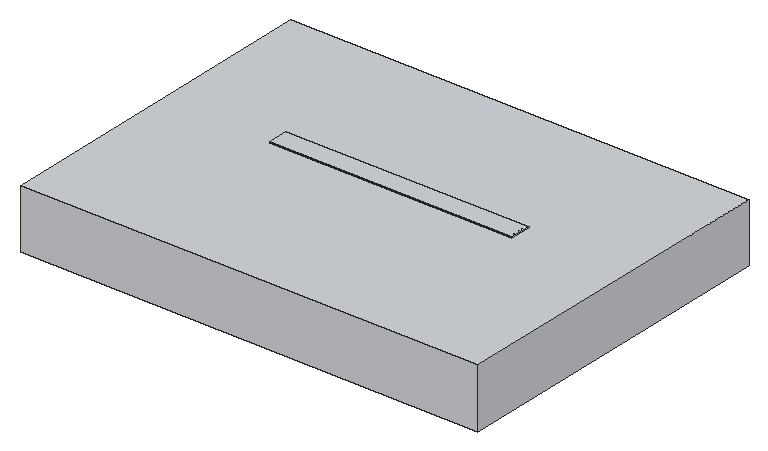
Revit family "2d8096a35b0e403bbc7437e2c540663e", category Air Terminals, host Face, Revit 2021
Family settings
  Host = Face
  Round Connector Dimension = Use Radius
  Part Type = Normal
  OmniClass Number = 23.75.70.21.27.11
  OmniClass Title = Diffusers, Registers, and Grilles
  Seek Item ID = Return Diffuser with Plenum - Linear Slot - Hosted-0000-USA-ENU
  Cut with Voids When Loaded = No
  Shared = No
  Room Calculation Point = No
Parameters (values of type "Standard")
  Width 5 = Diffuser Half Width + 0' 1 1/4"  # 0' - 2 7/8"
  Width 4 = Diffuser Half Width / 4  # 0' - 0 13/32"
  Width 3 = Diffuser Half Width / 3  # 0' - 0.54167"
  Width 2 = Diffuser Half Width / 2  # 0' - 0 13/16"
  Width 1 = Diffuser Width / 2 + 0' 0 1/2"  # 0' - 2 1/8"
  Slot Width = 0' - 1"
  Slot Number = 2
  Pressure Drop [instance] = 0.071 in-wg
  Duct Radius = 3"
  Duct Diameter = Duct Radius * 2  # 6"
  Length 1 = Diffuser Length / 2 + 0' 0 1/2"  # 2' - 0 1/2"
  Flow [instance] = 120 CFM
  Diffuser material = none
  Diffuser Half Length = Diffuser Length * 1 / 2  # 2' - 0"
  Diffuser Width = 0' - 3 1/4"
  Diffuser Length = 4' - 0"
  Diffuser Half Width = Diffuser Width * 1 / 2  # 0' - 1 5/8"
  Default Elevation = 4' - 0"
  Assembly Code = ""
  Slot Visibility 4 = Slot Number = 4  # no
  Slot Visibility 3 = Slot Number = 3  # no
  Slot Visibility 2 = Slot Number = 2  # yes
  Slot Visibility 1 = Slot Number = 1  # no
Reference planes (in)
  plane 1 "Center (Front/Back)": y = 0
  plane 2: z = 0
  plane 3 "Center (Left/Right)": x = 0
  plane 4: y = -1.625
  plane 5: y = -2.125
  plane 6: y = 2.125
  plane 7: y = 1.625
  plane 8: x = -24
  plane 9: x = 24.5
  plane 10: x = 24
  plane 11: x = -24.5
  plane 12 "top surface": z = 0.125
  plane 13: z = -11
  plane 14: z = -9.25
  plane 15: z = -6.25
  plane 16: x = -3
  plane 17: x = 3
  plane 18: y = -2.875
  plane 19: y = 0.8125
  plane 20: y = -0.8125
  plane 21: y = 1.08333
  plane 22: y = -1.08333
  plane 23: y = 0.40625
  plane 24: y = 1.21875
  plane 25: y = -0.40625
  plane 26: y = -1.21875
Forms (in)
  Extrusion 1, solid
    sketch origin (0, 0, 0) x (1, 0, 0) y (0, 1, 0)
      loop
        line (-46.5, 30.875) -> (-46.5, -37.625) -> (46, -37.625) -> (46, 30.875) -> (-46.5, 30.875)
    from 0 to -12
  Extrusion 2, solid, material <- "Diffuser material"
    sketch origin (0, 0, 0) x (1, 0, 0) y (0, 1, 0)
      loop
        line (-24, 1.625) -> (-24, -1.625) -> (24, -1.625) -> (24, 1.625) -> (-24, 1.625)
    from -11 to 0
  Extrusion 3, solid, material <- "Diffuser material"
    sketch origin (-7.87757, -0.24542, 0) x (1, 0, 0) y (0, 1, 0)
      loop
        line (-16.62243, 2.37042) -> (-16.62243, -1.87958) -> (32.37757, -1.87958) -> (32.37757, 2.37042) -> (-16.62243, 2.37042)
    from 0 to 0.125
  Extrusion 4, solid, material <- "Diffuser material"
    sketch origin (0, 0, 0) x (1, 0, 0) y (0, 0, 1)
      loop
        circle (0, -6.25) r 3
    from 1.625 to 2.875
Lines and regions (in)
  model lines
    curve 1: line (-24, 1.625, 0.125) -> (24, 1.625, 0.125)
    curve 2: line (-24, -1.625, 0.125) -> (-24, 1.625, 0.125)
    curve 3: line (24, -1.625, 0.125) -> (-24, -1.625, 0.125)
    curve 4: line (24, 1.625, 0.125) -> (24, -1.625, 0.125)
  model lines, visible <- "Slot Visibility 2"
    curve 5: line (-24, 0.8125, 0.125) -> (24, 0.8125, 0.125)
    curve 6: line (-24, -0.8125, 0.125) -> (24, -0.8125, 0.125)
  model lines, visible <- "Slot Visibility 4"
    curve 7: line (-24, 1.21875, 0.125) -> (24, 1.21875, 0.125)
    curve 8: line (-24, -1.21875, 0.125) -> (24, -1.21875, 0.125)
    curve 9: line (-24, 0.40625, 0.125) -> (24, 0.40625, 0.125)
    curve 10: line (-24, -0.40625, 0.125) -> (24, -0.40625, 0.125)
  model lines, visible <- "Slot Visibility 3"
    curve 11: line (-24, 0, 0.125) -> (24, 0, 0.125)
    curve 12: line (-24, 1.08333, 0.125) -> (24, 1.08333, 0.125)
    curve 13: line (-24, -1.08333, 0.125) -> (24, -1.08333, 0.125)
  model lines, visible <- "Slot Visibility 1"
    curve 14: line (-24, 0, 0.125) -> (24, 0, 0.125)
  symbolic lines, visible <- "Slot Visibility 1", detail levels fine
    curve 15: line (-24, 0, 0) -> (24, 0, 0)
  symbolic lines, visible <- "Slot Visibility 3", detail levels fine
    curve 16: line (-24, 0, 0) -> (24, 0, 0)
    curve 21: line (-24, 1.08333, 0) -> (24, 1.08333, 0)
    curve 22: line (-24, -1.08333, 0) -> (24, -1.08333, 0)
  symbolic lines, visible <- "Slot Visibility 4", detail levels fine
    curve 17: line (-24, 0.40625, 0) -> (24, 0.40625, 0)
    curve 18: line (-24, -0.40625, 0) -> (24, -0.40625, 0)
    curve 23: line (-24, 1.21875, 0) -> (24, 1.21875, 0)
    curve 24: line (-24, -1.21875, 0) -> (24, -1.21875, 0)
  symbolic lines, visible <- "Slot Visibility 2", detail levels fine
    curve 19: line (-24, 0.8125, 0) -> (24, 0.8125, 0)
    curve 20: line (-24, -0.8125, 0) -> (24, -0.8125, 0)
  symbolic lines
    curve 25: line (-24.5, 2.125, 0) -> (24.5, 2.125, 0)
    curve 26: line (-24.5, -2.125, 0) -> (-24.5, 2.125, 0)
    curve 27: line (24.5, -2.125, 0) -> (-24.5, -2.125, 0)
    curve 28: line (24.5, 2.125, 0) -> (24.5, -2.125, 0)
  symbolic lines, detail levels fine
    curve 29: line (-24, 1.625, 0) -> (24, 1.625, 0)
    curve 30: line (-24, -1.625, 0) -> (-24, 1.625, 0)
    curve 31: line (24, -1.625, 0) -> (-24, -1.625, 0)
    curve 32: line (24, 1.625, 0) -> (24, -1.625, 0)
Dimensions and locks (in)
  locked: level to plane 12 "top surface" at 0.125
  locked: level to plane 13 at 11
  locked: plane 14 to plane 13 at 1.75
  equal spacing: plane 16, plane 3 "Center (Left/Right)", plane 17
  "Duct Diameter": plane 16 to plane 17
  "Duct Radius": plane 15 to plane 14
  "Length 1": plane 3 "Center (Left/Right)" to plane 9
  "Length 1": plane 11 to plane 3 "Center (Left/Right)"
  "Width 1": plane 6 to plane 1 "Center (Front/Back)"
  "Width 1": plane 5 to plane 1 "Center (Front/Back)"
  "Diffuser Half Length": plane 8 to plane 3 "Center (Left/Right)"
  "Diffuser Half Length": plane 3 "Center (Left/Right)" to plane 10
  "Diffuser Half Width": plane 1 "Center (Front/Back)" to plane 7
  "Diffuser Half Width": plane 4 to plane 1 "Center (Front/Back)"
  "Width 2": plane 1 "Center (Front/Back)" to plane 19
  "Width 2": plane 20 to plane 1 "Center (Front/Back)"
  "Width 3": plane 21 to plane 7
  "Width 3": plane 22 to plane 4
  "Width 4": plane 23 to plane 1 "Center (Front/Back)"
  "Width 4": plane 24 to plane 7
  "Width 4": plane 25 to plane 1 "Center (Front/Back)"
  "Width 4": plane 26 to plane 4
  "Width 5": plane 18 to plane 1 "Center (Front/Back)"
  "Duct Radius": radius of Extrusion 4 sketch curve
  aligned and locked: plane 2 to Extrusion 1
  aligned and locked: level to Extrusion 1
  aligned and locked: Extrusion 2 to plane 13
  aligned and locked: level to Extrusion 2
  aligned and locked: plane 4 to curve 3
  aligned and locked: plane 7 to curve 1
  aligned and locked: plane 10 to Extrusion 2
  aligned and locked: plane 3 "Center (Left/Right)" to Extrusion 4 sketch curve
  aligned and locked: plane 15 to Extrusion 4 sketch curve
  aligned and locked: plane 8 to curve 2
  aligned and locked: Extrusion 2 to plane 8
  aligned and locked: Extrusion 3 to plane 11
  aligned and locked: plane 9 to Extrusion 3
  aligned and locked: plane 6 to Extrusion 3
  aligned and locked: plane 5 to Extrusion 3
  aligned and locked: Extrusion 2 to plane 7
  aligned and locked: Extrusion 2 to plane 4
  aligned and locked: plane 4 to Extrusion 4
  aligned and locked: Extrusion 4 to plane 18
  aligned and locked: curve 5 to plane 19
  aligned and locked: plane 20 to curve 6
  aligned and locked: curve 7 to plane 24
  aligned and locked: plane 26 to curve 8
  aligned and locked: curve 9 to plane 23
  aligned and locked: plane 25 to curve 10
  aligned and locked: curve 12 to plane 21
  aligned and locked: curve 13 to plane 22
  aligned and locked: plane 1 "Center (Front/Back)" to curve 11
  aligned and locked: plane 1 "Center (Front/Back)" to curve 14
  aligned and locked: plane 18 to Extrusion 4  (x3)
  aligned and locked: curve 15 to curve 14
  aligned and locked: curve 16 to curve 14
  aligned and locked: curve 17 to curve 9
  aligned and locked: curve 18 to curve 10
  aligned and locked: curve 19 to curve 5
  aligned and locked: curve 20 to curve 6
  aligned and locked: curve 21 to curve 12
  aligned and locked: curve 22 to curve 13
  aligned and locked: curve 23 to curve 7
  aligned and locked: curve 24 to curve 8
  aligned and locked: curve 25 to Extrusion 3  (x2)
  aligned and locked: Extrusion 3 to curve 28
  aligned and locked: curve 28 to Extrusion 3
  aligned and locked: curve 2 to curve 29
  aligned and locked: curve 29 to curve 1
  aligned and locked: curve 32 to curve 3
  aligned and locked: curve 32 to curve 4
Automatic sketch dimensions
  Extrusion 2 sketch curve to plane 4 = 0' - 0"
  Extrusion 2 sketch curve to plane 8 = 0' - 0"
  Extrusion 2 sketch curve to plane 10 = 0' - 0"
  Extrusion 2 sketch curve to plane 7 = 0' - 0"
  Extrusion 3 sketch curve to plane 5 = 0' - 0"
  Extrusion 3 sketch curve to plane 11 = 0' - 0"
  Extrusion 3 sketch curve to plane 9 = 0' - 0"
  Extrusion 3 sketch curve to plane 6 = 0' - 0"
  curve 6 to plane 8 = 0' - 0"
  curve 5 to plane 8 = 0' - 0"
  curve 6 to plane 10 = 0' - 0"
  curve 5 to plane 10 = 0' - 0"
  curve 14 to plane 10 = 0' - 0"
  Extrusion 1 sketch curve to Extrusion 1 sketch curve = 7' - 8 1/2"
  Extrusion 1 sketch curve to Extrusion 1 sketch curve = 5' - 8 1/2"
Connectors (in)
  hvac at (0, -2.875, -6.25), driven by "Flow", driven by "Duct Radius", driven by "Pressure Drop"
    settings: on Extrusion 4, index 1, duct flow 120 CFM, flow factor 0, pres drop 0.071 in-wg, loss coef 0, conn angle 0.00°, conn width 12", conn height 12", conn diameter 6", duct sys type 2, conn prof type 0, flow config 1, flow direction 2, loss method 4, conn ref index -1, conn util no, is conn primary yes, conn desc ""
